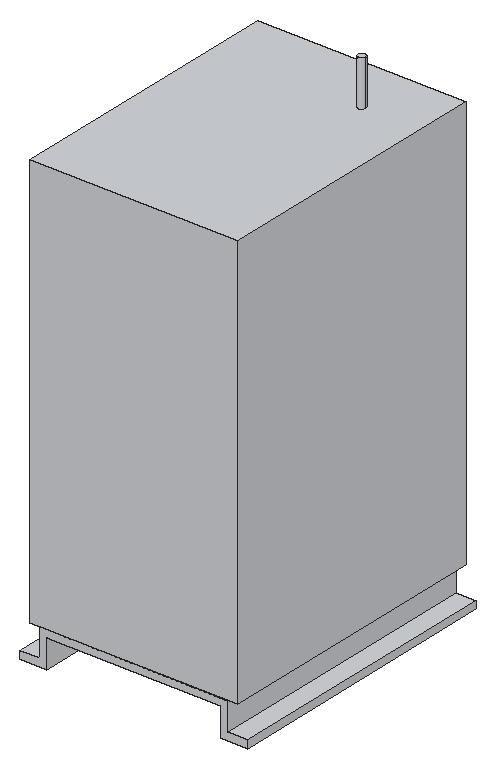
Revit family "b24202fa32ef4c9db4d32f51ba9444c0", category Mechanical Equipment, Revit 2021
Family settings
  Round Connector Dimension = Use Radius
  Part Type = Normal
  OmniClass Number = 23.75.10.11.14.14
  OmniClass Title = Condensing Boilers
  Seek Item ID = Condensing Boiler-0000-USA-ENU
  Work Plane-Based = No
  Always vertical = Yes
  Cut with Voids When Loaded = No
  Shared = No
  Room Calculation Point = No
Parameters (values of type "300 MBH")
  Width 1 = 0' - 7 1/2"
  Water Pressure Drop [instance] = 58.015 psi
  Water Flow [instance] = 31 GPM
  Vent Radius = 2 1/4"
  Vent Diameter = Vent Radius * 2  # 4 1/2"
  Pipe Height 2 = 2' - 11 3/4"
  Pipe Height 1 = 1' - 6 1/4"
  Length 1 = 0' - 7 3/4"
  Hot Water Radius = 1"
  Hot Water Diameter = Hot Water Radius * 2  # 2"
  Gas Radius = 1/2"
  Gas Flow Rate = "704 lbs/h"
  Gas Diamater = Gas Radius * 2  # 1"
  Duct Height = 4' - 5 3/8"
  Default Elevation = 0' - 0"
  Cold Water Radius = 1"
  Cold Water Diameter = Cold Water Radius * 2  # 2"
  Boiler Width = 3' - 1 3/4"
  Boiler Material = none
  Boiler Length = 2' - 3 1/2"
  Boiler Height = 4' - 11 3/4"
  Assembly Code = ""
Types (6): name | Width 1 | Water Pressure Drop | Water Flow | Vent Radius | Vent Diameter | Pipe Height 2 | Pipe Height 1 | Hot Water Radius | Hot Water Diameter | Gas Radius | Gas Flow Rate | Gas Diamater | Duct Height | Cold Water Radius | Cold Water Diameter | Boiler Width | Boiler Length | Boiler Height
  500 MBH | 0' - 7 1/2" | 58.015 psi | 31 GPM | 2 1/4" | 4 1/2" | 2' - 11 3/4" | 1' - 6 1/4" | 1" | 2" | 1/2" | "704 lbs/h" | 1" | 4' - 5 3/8" | 1" | 2" | 3' - 1 3/4" | 2' - 3 1/2" | 4' - 11 3/4"
  2000 MBH | 0' - 11" | 290.075 psi | 104 GPM | 3 5/16" | 6 5/8" | 2' - 10 1/8" | 1' - 7 7/8" | 2" | 4" | 3/4" | "1903 lbs/h" | 1 1/2" | 5' - 11 3/8" | 2" | 4" | 4' - 7" | 2' - 9 5/8" | 6' - 7 1/4"
  750 MBH | 0' - 7 1/2" | 116.03 psi | 41 GPM | 2 1/4" | 4 1/2" | 2' - 10 1/2" | 1' - 6 1/4" | 1" | 2" | 1/2" | "928 lbs/h" | 1" | 5' - 4 3/4" | 1" | 2" | 3' - 1 3/4" | 2' - 3 1/2" | 6' - 2 5/8"
  1000 MBH | 0' - 7 1/2" | 101.526 psi | 52 GPM | 2 1/4" | 4 1/2" | 2' - 10 1/2" | 1' - 6 1/4" | 1 1/4" | 2 1/2" | 3/8" | "1179 lbs/h" | 3/4" | 5' - 4 3/4" | 1 1/4" | 2 1/2" | 3' - 1 3/4" | 2' - 3 1/2" | 6' - 2 5/8"
  1400 MBH | 0' - 10" | 94.275 psi | 67 GPM | 2 1/4" | 4 1/2" | 2' - 10 1/8" | 1' - 6 1/4" | 1 1/4" | 2 1/2" | 3/8" | "1531 lbs/h" | 3/4" | 5' - 8 1/4" | 1 1/4" | 2 1/2" | 4' - 2" | 2' - 9 5/8" | 6' - 7 1/4"
  300 MBH | 0' - 7 1/2" | 58.015 psi | 31 GPM | 2 1/4" | 4 1/2" | 2' - 11 3/4" | 1' - 6 1/4" | 1" | 2" | 1/2" | "704 lbs/h" | 1" | 4' - 5 3/8" | 1" | 2" | 3' - 1 3/4" | 2' - 3 1/2" | 4' - 11 3/4"
Reference planes (in)
  plane 1 "Center (Front/Back)": y = 0
  plane 2: z = 0
  plane 3 "Center (Left/Right)": x = 0
  plane 4: x = -30.25
  plane 5: y = 37.75
  plane 6: x = -1.375
  plane 7: x = -28.875
  plane 8: z = 4.75
  plane 9: z = 59.75
  plane 10: z = 1
  plane 11: z = 3.75
  plane 12: x = -15.125
  plane 13: x = -26.625
  plane 14: x = -3.625
  plane 15: x = -27.625
  plane 16: x = -2.625
  plane 17: z = 18.25
  plane 18: z = 35.75
  plane 19: x = -22.875
  plane 20: z = 53.375
  plane 21: y = 40.75
  plane 22: x = -15.125
  plane 23: y = 30.25
  plane 24: x = -9.125
  plane 25: z = 65.75
  plane 26: x = -17.375
  plane 27: x = -12.875
  plane 28: x = -21.875
  plane 29: x = -23.875
  plane 30: z = 6.75
Forms (in)
  Extrusion 1, solid, material <- "Boiler Material"
    sketch origin (0, 0, 0) x (1, 0, 0) y (0, 1, 0)
      loop
        line (-28.875, 37.75) -> (-28.875, 0) -> (-1.375, 0) -> (-1.375, 37.75) -> (-28.875, 37.75)
    from 4.75 to 59.75
  Extrusion 2, solid, material <- "Boiler Material"
    sketch origin (0, 0, 0) x (1, 0, 0) y (0, 0, 1)
      loop
        line (0, 1) -> (-2.625, 1) -> (-2.625, 4.75) -> (-27.625, 4.75) -> (-27.625, 1) -> (-30.25, 1) -> (-30.25, 0) -> (-26.625, 0) -> (-26.625, 3.75) -> (-3.625, 3.75) -> (-3.625, 0) -> (0, 0) -> (0, 1)
    from -37.75 to 0
  Extrusion 3, solid, material <- "Boiler Material"
    sketch origin (-4.79099, 0, -0.33004) x (1, 0, 0) y (0, 0, 1)
      loop
        circle (-18.08401, 36.08004) r 1
      loop
        circle (-18.08401, 18.58004) r 1
    from -40.75 to -37.75
  Extrusion 4, solid, material <- "Boiler Material"
    sketch origin (0, 0, 0) x (1, 0, 0) y (0, 0, 1)
      loop
        circle (-15.125, 53.375) r 2.25
    from -40.75 to -37.75
  Extrusion 5, solid, material <- "Boiler Material"
    sketch origin (0, 0, 0) x (1, 0, 0) y (0, 1, 0)
      loop
        circle (-9.125, 30.25) r 0.5
    from 59.75 to 65.75
  Extrusion 6, solid, material <- "Boiler Material"
    sketch origin (0, 0, 0) x (1, 0, 0) y (0, 0, 1)
      loop
        circle (-15.125, 6.75) r 0.75
    from -40.75 to -37.75
  Extrusion 7, solid
    sketch origin (0, 0, 0) x (0, 1, 0) y (0, 0, 1)
      loop
        line (32.75, 53.75) -> (24.75, 53.75) -> (24.75, 43.75) -> (32.75, 43.75) -> (32.75, 53.75)
    from -30.25 to -28.875
  Extrusion 8, solid, material <- "Boiler Material", detail levels fine
    sketch origin (0, 0, 0) x (1, 0, 0) y (0, 0, 1)
      loop
        circle (-15.125, 53.375) r 2.25
    from -40.75 to -37.75
  Extrusion 9, solid, material <- "Boiler Material", detail levels fine
    sketch origin (0, 0, 0) x (1, 0, 0) y (0, 0, 1)
      loop
        circle (-22.875, 35.75) r 1
      loop
        circle (-22.875, 18.25) r 1
    from -40.75 to -37.75
  Extrusion 10, solid, material <- "Boiler Material", detail levels fine
    sketch origin (0, 0, 0) x (1, 0, 0) y (0, 0, 1)
      loop
        circle (-15.125, 6.75) r 0.75
    from -40.75 to -37.75
Cuts and joins
  joined: Extrusion 1, Extrusion 5
  joined: Extrusion 3, Extrusion 4, Extrusion 6
Lines and regions (in)
  symbolic lines, detail levels fine
    curve 1: line (-23.875, 40.75, 0) -> (-23.875, 37.75, 0)
    curve 2: line (-21.875, 40.75, 0) -> (-21.875, 37.75, 0)
    curve 3: line (-17.375, 40.75, 0) -> (-17.375, 37.75, 0)
    curve 4: line (-17.375, 40.75, 0) -> (-12.875, 40.75, 0)
    curve 5: line (-12.875, 40.75, 0) -> (-12.875, 37.75, 0)
    curve 6: line (-23.875, 40.75, 0) -> (-21.875, 40.75, 0)
  symbolic lines, detail levels coarse+medium
    curve 7: line (-22.875, 40.75, 0) -> (-22.875, 37.75, 0)
    curve 8: line (-15.125, 37.75, 0) -> (-15.125, 40.75, 0)
Dimensions and locks (in)
  "Boiler Width": plane 5 to plane 1 "Center (Front/Back)"
  plane 6 to plane 3 "Center (Left/Right)" = 0' - 1 3/8"
  plane 4 to plane 7 = 0' - 1 3/8"
  plane 8 to plane 2 = 0' - 4 3/4"
  "Boiler Height": level to plane 9
  level to plane 10 = 0' - 1"
  "Boiler Length": plane 7 to plane 6
  equal spacing: plane 3 "Center (Left/Right)", plane 12, plane 4
  plane 13 to plane 4 = 0' - 3 5/8"
  plane 3 "Center (Left/Right)" to plane 14 = 0' - 3 5/8"
  plane 16 to plane 14 = 0' - 1"
  plane 15 to plane 13 = 0' - 1"
  "Pipe Height 1": level to plane 17
  "Pipe Height 2": level to plane 18
  plane 7 to plane 19 = 0' - 6"
  "Duct Height": level to plane 20
  plane 21 to plane 5 = 0' - 3"
  plane 22 to plane 7 = 1' - 1 3/4"
  "Width 1": plane 5 to plane 23
  "Length 1": plane 24 to plane 6
  plane 9 to plane 25 = 0' - 6"
  equal spacing: plane 26, plane 22, plane 27
  "Vent Diameter": plane 26 to plane 27
  equal spacing: plane 29, plane 19, plane 28
  "Hot Water Diameter": plane 29 to plane 28
  locked: plane 30 to plane 8 at 2
  locked: plane 5 to Extrusion 7 sketch curve at 5
  locked: Extrusion 7 sketch curve to Extrusion 7 sketch curve at 8
  locked: plane 9 to Extrusion 7 sketch curve at 6
  locked: Extrusion 7 sketch curve to Extrusion 7 sketch curve at 10
  "Hot Water Radius": radius of Extrusion 3 sketch curve
  "Cold Water Radius": radius of Extrusion 3 sketch curve
  "Vent Radius": radius of Extrusion 4 sketch curve
  "Gas Radius": radius of Extrusion 5 sketch curve
  radius of Extrusion 6 sketch curve = 0' - 0 3/4"
  "Vent Radius": radius of Extrusion 8 sketch curve
  "Cold Water Radius": radius of Extrusion 9 sketch curve
  "Hot Water Radius": radius of Extrusion 9 sketch curve
  radius of Extrusion 10 sketch curve = 0' - 0 3/4"
  aligned and locked: plane 9 to Extrusion 1
  aligned and locked: Extrusion 1 to plane 8
  aligned and locked: plane 3 "Center (Left/Right)" to Extrusion 2  (x2)
  aligned and locked: plane 10 to Extrusion 2  (x4)
  aligned and locked: Extrusion 2 to level  (x5)
  aligned and locked: Extrusion 2 to plane 11  (x2)
  aligned and locked: plane 8 to Extrusion 2  (x2)
  aligned and locked: plane 5 to Extrusion 2
  aligned and locked: plane 1 "Center (Front/Back)" to Extrusion 2
  aligned and locked: Extrusion 1 to plane 7
  aligned and locked: plane 5 to Extrusion 1
  aligned and locked: plane 6 to Extrusion 1
  aligned and locked: plane 1 "Center (Front/Back)" to Extrusion 1
  aligned and locked: Extrusion 2 to plane 4
  aligned and locked: plane 15 to Extrusion 2
  aligned and locked: Extrusion 2 to plane 13
  aligned and locked: Extrusion 2 to plane 14
  aligned and locked: plane 16 to Extrusion 2
  aligned and locked: plane 19 to Extrusion 3 sketch curve  (x2)
  aligned and locked: plane 18 to Extrusion 3 sketch curve
  aligned and locked: plane 17 to Extrusion 3 sketch curve
  aligned and locked: plane 21 to Extrusion 3
  aligned and locked: Extrusion 3 to plane 5
  aligned and locked: plane 20 to Extrusion 4 sketch curve
  aligned and locked: plane 22 to Extrusion 4 sketch curve
  aligned and locked: plane 21 to Extrusion 4
  aligned and locked: Extrusion 4 to plane 5
  aligned and locked: plane 23 to Extrusion 5 sketch curve
  aligned and locked: plane 24 to Extrusion 5 sketch curve
  aligned and locked: plane 25 to Extrusion 5
  aligned and locked: Extrusion 5 to plane 9
  aligned and locked: curve 4 to plane 21
  aligned and locked: curve 6 to plane 21
  aligned and locked: curve 5 to plane 27
  aligned and locked: plane 26 to curve 3
  aligned and locked: plane 28 to curve 2
  aligned and locked: plane 29 to curve 1
  aligned and locked: Extrusion 3 to plane 21
  aligned and locked: plane 19 to curve 7
  aligned and locked: plane 22 to curve 8
  aligned and locked: plane 12 to Extrusion 6 sketch curve
  aligned and locked: plane 30 to Extrusion 6 sketch curve
  aligned and locked: Extrusion 6 to plane 5
  aligned and locked: Extrusion 3 to Extrusion 6
  aligned and locked: plane 7 to Extrusion 7
  aligned and locked: Extrusion 7 to plane 4
  aligned and locked: plane 22 to Extrusion 8 sketch curve
  aligned and locked: plane 20 to Extrusion 8 sketch curve
  aligned and locked: plane 21 to Extrusion 8
  aligned and locked: Extrusion 8 to plane 5
  aligned and locked: plane 18 to Extrusion 9 sketch curve
  aligned and locked: plane 19 to Extrusion 9 sketch curve  (x2)
  aligned and locked: plane 17 to Extrusion 9 sketch curve
  aligned and locked: plane 21 to Extrusion 9
  aligned and locked: Extrusion 9 to plane 5
  aligned and locked: plane 12 to Extrusion 10 sketch curve
  aligned and locked: plane 30 to Extrusion 10 sketch curve
  aligned and locked: plane 21 to Extrusion 10
  aligned and locked: Extrusion 10 to plane 5
Automatic sketch dimensions
  plane 4 to Extrusion 1 sketch curve = 0' - 1 3/8"
  Extrusion 1 sketch curve to plane 1 "Center (Front/Back)" = 0' - 0"
  Extrusion 1 sketch curve to plane 5 = 0' - 0"
  Extrusion 1 sketch curve to plane 6 = 0' - 0"
  Extrusion 2 sketch curve to level = 0' - 0"  (x2)
  Extrusion 2 sketch curve to plane 7 = 0' - 1 3/8"
  Extrusion 2 sketch curve to plane 8 = 0' - 0"
  Extrusion 2 sketch curve to plane 10 = 0' - 0"  (x2)
  Extrusion 2 sketch curve to plane 3 "Center (Left/Right)" = 0' - 0"
  Extrusion 2 sketch curve to plane 11 = 0' - 0"
  plane 7 to Extrusion 2 sketch curve = 0' - 1 1/4"
  Extrusion 2 sketch curve to Extrusion 2 sketch curve = 0' - 1"
  Extrusion 2 sketch curve to plane 6 = 0' - 2 1/4"
  Extrusion 2 sketch curve to plane 6 = 0' - 1 1/4"
  curve 8 to plane 5 = 0' - 0"
  curve 1 to plane 5 = 0' - 0"
  curve 7 to plane 5 = 0' - 0"
  curve 2 to plane 5 = 0' - 0"
  curve 3 to plane 5 = 0' - 0"
  curve 5 to plane 5 = 0' - 0"
Connectors (in)
  piping at (-22.875, 40.75, 35.75), diameter 2, driven by "Hot Water Radius", driven by "Water Flow", driven by "Water Pressure Drop"
    settings: on Extrusion 3, index 1, connector inside diameter 2", connector length 0' - 0", flow factor 0, pipe flow 31 GPM, pressure drop 58.015 psi, fitting loss kfactor 0, connector angle 0.00°, fixture units 0, engagement length 0' - 0", angle of deflection 0.00°, flow configuration 0, flow direction 2, fitting loss method 4, system type 7, joint type 0, gender type 0, connector reference index 2, connector utility 0, adjustable connector no, is connector primary yes, connector description "Hot Water Out"
  piping at (-22.875, 40.75, 18.25), diameter 2, driven by "Cold Water Radius", driven by "Water Flow"
    settings: on Extrusion 3, index 2, connector inside diameter 2", connector length 0' - 0", flow factor 0, pipe flow 31 GPM, pressure drop 0.00 psi, fitting loss kfactor 0, connector angle 0.00°, fixture units 0, engagement length 0' - 0", angle of deflection 0.00°, flow configuration 0, flow direction 1, fitting loss method 4, system type 8, joint type 0, gender type 0, connector reference index 1, connector utility 0, adjustable connector no, is connector primary no, connector description "Cold Water In"
  piping at (-9.125, 30.25, 65.75), diameter 1, driven by "Gas Radius"
    settings: on Extrusion 5, index 3, connector inside diameter 1", connector length 0' - 0", flow factor 0, pipe flow 0 GPM, pressure drop 0.00 psi, fitting loss kfactor 0, connector angle 0.00°, fixture units 0, engagement length 0' - 0", angle of deflection 0.00°, flow configuration 1, flow direction 1, fitting loss method 0, system type 22, joint type 0, gender type 0, connector reference index -1, connector utility 0, adjustable connector no, is connector primary no, connector description "Gas In"
  hvac at (-15.125, 40.75, 53.375), driven by "Vent Radius"
    settings: on Extrusion 4, index 4, duct flow 0 CFM, flow factor 0, pres drop 0.00 in-wg, loss coef 0, conn angle 0.00°, conn width 12", conn height 12", conn diameter 4 1/2", duct sys type 3, conn prof type 0, flow config 1, flow direction 2, loss method 0, conn ref index -1, conn util no, is conn primary yes, conn desc ""
  piping at (-15.125, 40.75, 6.75), diameter 2
    settings: on Extrusion 6, index 5, connector inside diameter 2", connector length 0' - 0", flow factor 0, pipe flow 0 GPM, pressure drop 0.00 psi, fitting loss kfactor 0, connector angle 0.00°, fixture units 0, engagement length 0' - 0", angle of deflection 0.00°, flow configuration 1, flow direction 2, fitting loss method 0, system type 16, joint type 0, gender type 0, connector reference index -1, connector utility 0, adjustable connector yes, is connector primary no, connector description "Drain Out"
